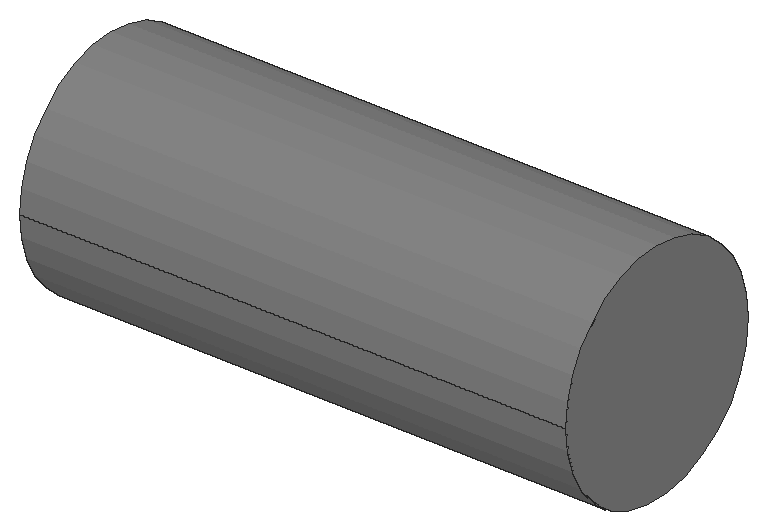
Revit family "НЕВАТОМ_Шумоглушитель  ГТК, Версия 2", category Арматура воздуховодов, Revit 2017
Family settings
  Размер круглого соединителя = Использовать диаметр
  Тип детали = Вставляется
  На основе рабочей плоскости = Нет
  Всегда вертикально = Да
  При загрузке вырезать с полостями = Нет
  Общий = Нет
Parameters (values of type "ГТК 125-600")
  Толщина металла корпуса = 0.7 mm
  Материал = Сталь оцинкованная
  Ключевая пометка = "Вентиляция"
  d2 = D1 + 20 mm  # 270 mm
  Nevatom_URL = "https://t.me/NEVATOM_Bim_bot"
  L = 600 mm
  D1 = 250 mm
  D = 125 mm
  ADSK_Расход воздуха [instance] = 0.0 m³/h
  ADSK_Размер_Ширина = L  # 600 mm
  ADSK_Размер_Длина = D1  # 250 mm
  ADSK_Размер_Высота = D1  # 250 mm
  ADSK_Примечание = ""
  ADSK_Потеря давления воздуха = 0.0 Pa
  ADSK_Позиция = ""
  ADSK_Наименование = "Глушитель ГТК"  # constant formula
  ADSK_Материал наименование = "Оцинкованная сталь"  # constant formula
  ADSK_Марка = "ГТК 125-600"
  ADSK_Количество = 0
  ADSK_Код изделия = ""
  ADSK_Завод-изготовитель = "НЕВАТОМ"  # constant formula
  ADSK_Единица измерения = "шт."  # constant formula
Types (18, lengths in mm): name | Толщина металла корпуса | d2 | L | D1 | D | ADSK_Размер_Ширина | ADSK_Размер_Длина | ADSK_Размер_Высота | ADSK_Марка | ADSK_Количество
  ГТК 100-600 | 0.7 | 220 | 600 | 200 | 100 | 600 | 200 | 200 | "ГТК 100-600" | 0
  ГТК 100-900 | 0.7 | 220 | 900 | 200 | 100 | 900 | 200 | 200 | "ГТК 100-900" | 0
  ГТК 125-600 | 0.7 | 270 | 600 | 250 | 125 | 600 | 250 | 250 | "ГТК 125-600" | 0
  ГТК 125-900 | 0.7 | 270 | 900 | 250 | 125 | 900 | 250 | 250 | "ГТК 125-900" | 0
  ГТК 160-600 | 0.7 | 270 | 600 | 250 | 160 | 600 | 250 | 250 | "ГТК 160-600" | 1
  ГТК 160-900 | 0.7 | 270 | 900 | 250 | 160 | 900 | 250 | 250 | "ГТК 160-900" | 0
  ГТК 200-600 | 0.7 | 335 | 600 | 315 | 200 | 600 | 315 | 315 | "ГТК 200-600" | 0
  ГТК 200-900 | 0.7 | 335 | 900 | 315 | 200 | 900 | 315 | 315 | "ГТК 200-900" | 0
  ГТК 250-600 | 0.7 | 375 | 600 | 355 | 250 | 600 | 355 | 355 | "ГТК 250-600" | 0
  ГТК 250-900 | 0.7 | 375 | 900 | 355 | 250 | 900 | 355 | 355 | "ГТК 250-900" | 0
  ГТК 315-600 | 0.7 | 470 | 600 | 450 | 315 | 600 | 450 | 450 | "ГТК 315-600" | 0
  ГТК 315-900 | 0.7 | 470 | 900 | 450 | 315 | 900 | 450 | 450 | "ГТК 315-900" | 1
  ГТК 355-600 | 0.7 | 520 | 600 | 500 | 355 | 600 | 500 | 500 | "ГТК 355-600" | 0
  ГТК 355-900 | 0.7 | 520 | 900 | 500 | 355 | 900 | 500 | 500 | "ГТК 355-900" | 0
  ГТК 400-600 | 0.7 | 600 | 600 | 580 | 400 | 600 | 580 | 580 | "ГТК 400-600" | 0
  ГТК 400-900 | 0.7 | 600 | 900 | 580 | 400 | 900 | 580 | 580 | "ГТК 400-900" | 0
  ГТК 500-900 | 0.7 | 700 | 900 | 680 | 500 | 900 | 680 | 680 | "ГТК 500-900" | 0
  ГТК 630-900 | 1 | 830 | 900 | 810 | 630 | 900 | 810 | 810 | "ГТК 630-900" | 1
Reference planes
  plane 1 "По центру (Вперед/Назад)": y = 0
  plane 2: z = 0
  plane 3 "По центру (Влево/Вправо)": x = 0
  plane 4: x = -300
  plane 5: x = 300
  plane 6: x = -341.667
  plane 7: x = 341.667
  plane 8: x = -425
  plane 9: x = 425
  plane 10: x = -383.333
  plane 11: x = 383.333
  plane 12: x = -250
  plane 13: x = 323.667
Forms (mm)
  Extrusion 1, void, not visible
    sketch origin (-345, -245, 50) x (0, -1, 0) y (0, 0, -1)
      loop
        line (-477.965, -475) -> (-477.965, -450) -> (-528.913, -450) -> (-528.913, -475) -> (-477.965, -475)
    from -47.452 to 12
  Extrusion 2, solid, material "Сталь оцинкованная" <- "Материал"
    sketch origin (0, 0, 0) x (0, 1, 0) y (0, 0, 1)
      loop
        circle (0, 0) r 125
    from -300 to 300
Lines and regions (mm)
  model lines, not visible, detail levels coarse
    curve 1: circle (0, 0, 0) r 135 normal (0, 0, 1)
    curve 2: line (-135, 0, 0) -> (43.681, 127.738, 0)
    curve 3: line (-135, 0, 0) -> (43.681, -127.738, 0)
    curve 4: line (43.681, 127.738, 0) -> (43.681, -127.738, 0)
  model lines, not visible, detail levels medium
    curve 5: circle (0, 0, 0) r 90 normal (0, -1, 0)
    curve 6: line (-90, 0, 0) -> (39.046, 0, 81.089)
    curve 7: line (-90, 0, 0) -> (39.046, 0, -81.089)
    curve 8: line (39.046, 0, 81.089) -> (39.046, 0, -81.089)
Dimensions and locks
  equal spacing: plane 4, plane 3 "По центру (Влево/Вправо)", plane 5
  "L": plane 4 to plane 5
  "D": plane 8 to plane 4
  "D": plane 5 to plane 9
  equal spacing: plane 8, plane 10, plane 6, plane 4
  equal spacing: plane 5, plane 7, plane 11, plane 9
  plane 12 to plane 4 = 50 mm
  locked: plane 7 to plane 13 at 18
  "D1": diameter of Extrusion 2 sketch curve
  aligned and locked: level to plane 2
  aligned and locked: plane 5 to Extrusion 2
  aligned and locked: Extrusion 2 to plane 4
Automatic sketch dimensions
  Extrusion 2 sketch curve to level = 0 mm
  Extrusion 2 sketch curve to plane 1 "По центру (Вперед/Назад)" = 0 mm
Nested families
  nested 1: "крепление 15мм" at (-330, 229.965, 495), type "крепление 15мм", not visible
Connectors
  hvac at (-300, 0, 0), driven by "D"
    settings: on Extrusion 2, index 1, duct flow 0.0 m³/h, flow factor 0, pres drop 0.0 Pa, loss coef 0, conn angle 0.00°, conn width 304.8 mm, conn height 304.8 mm, conn diameter 125 mm, duct sys type 29, conn prof type 0, flow config 0, flow direction 0, loss method 0, conn ref index 2, conn util no, is conn primary yes, conn desc ""
  hvac at (300, 0, 0), driven by "D"
    settings: on Extrusion 2, index 2, duct flow 0.0 m³/h, flow factor 0, pres drop 0.0 Pa, loss coef 0, conn angle 0.00°, conn width 304.8 mm, conn height 304.8 mm, conn diameter 125 mm, duct sys type 29, conn prof type 0, flow config 0, flow direction 0, loss method 0, conn ref index 1, conn util no, is conn primary no, conn desc ""
Definition of nested family "крепление 15мм"
  Parameters (values of type "крепление 15мм")
    Материал крепления = none
  Reference planes
    plane 1 "По центру (Вперед/Назад)": y = 0
    plane 2: z = 0
    plane 3 "По центру (Влево/Вправо)": x = 0
  Forms (mm)
    Extrusion 1, solid, material <- "Материал крепления"
      sketch origin (0, 0, 0) x (1, 0, 0) y (0, 1, 0)
        loop
          line (-25, 0) -> (0, 0) -> (0, 18.31) -> (0, 25) -> (-3, 25) -> (-3, 3) -> (-25, 3) -> (-25, 0)
      from 0 to 30
    Extrusion 2, void
      sketch origin (0, 0, 0) x (1, 0, 0) y (0, 1, 0)
        loop
          line (-3, 3) -> (-3, 54.96) -> (-58, 54.96) -> (-58, 3) -> (-3, 3)
      from 0 to 15
  Cuts and joins
    Extrusion 2 cuts Extrusion 1
  Dimensions and locks
    Extrusion 1 sketch curve to Extrusion 1 sketch curve = 3 mm  (x2)
    Extrusion 1 sketch curve to Extrusion 1 sketch curve to plane 3 "По центру (Влево/Вправо)" = 25 mm, 0 mm
    Extrusion 1 sketch curve to Extrusion 1 sketch curve = 25 mm
    aligned and locked: level to plane 2
